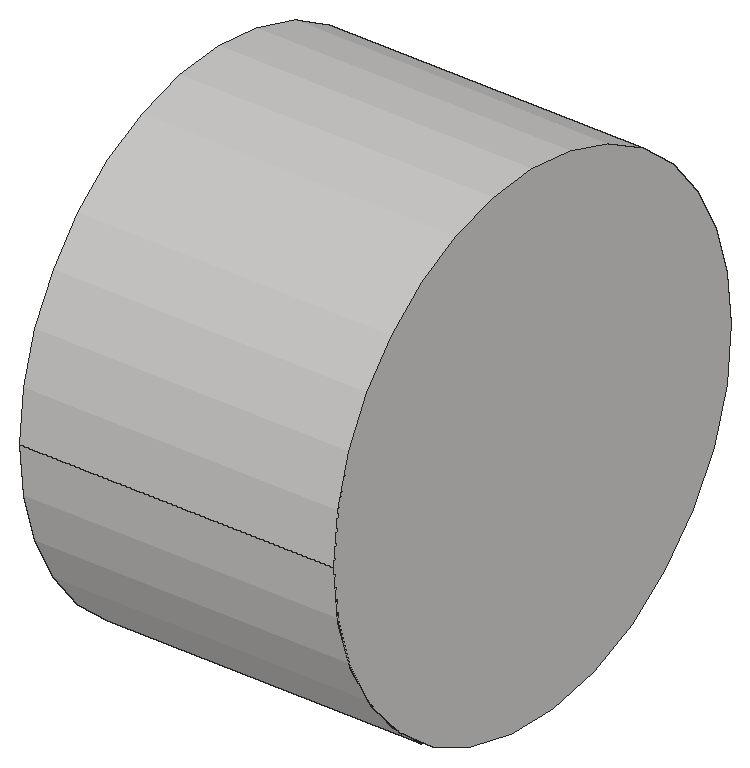
Revit family "Couplings-Shielded-Champion_Couplings-Transition-MI-HUB-TRP_Series", category Pipe Fittings, Revit 2014
Parameters (values of type "MI-HUB-TRP-330")
  Width B = 3.520"
  Width A = 3.370"
  Waste Connection = no
  Warranty Information = "1 Year Warranty"  # constant formula
  Vent Connection = no
  URL = "http://www.mifab.com"
  Tick Size = Width A * 0.4  # 1.348"
  Standard Listings & Approval = "CSA Approved, U.P.C. Approved"  # constant formula
  Product Page URL = "http://www.mifab.com/Catalog/No_Hub_Couplings/MIHUBTRP_SHIELDED_NO_HUB_TRANSITION_COUPLINGSPL_ST_XHCI_TO_PL_ST_OR_XHCI.html"
  Product Documentation Link = "http://www.mifab.com/Catalog/Library/MI-HUB-TRP-spec_sheet.pdf"
  Price = "Prices may vary. Please consult Manufacturer Representative for most up-to-date price list."  # constant formula
  Pipe Size Description = "3\" PL / ST or XH CI x 3\" PL / ST, or XH CI - Shielded Transition coupling"
  Pipe Outlet Connection Diameter = 3.000"
  Pipe Inlet Connection Diameter = 3.000"
  Pallet Quantity = "2400"
  Nominal Diameter = 3.250"
  Model = "MI-HUB-TRP"
  Material = "Metal-Champion Couplings-Stainless Steel"  # constant formula
  Masking Reg 2 = no
  Masking Reg 1 = yes
  Manufacturer = "Champion Couplings"  # constant formula
  List Price (Each Piece) = 11
  Nominal Height = Height  # 2.130"
  Height = 2.130"
  HW Connection = no
  Description = "MIFAB® Series MI-HUB-TRP (specify size) shielded transition couplings are manufactured with gaskets made from an elastomeric compound that meets the requirements of ASTM C-564 housed inside a Type 300 stainless steel shield. Two Type 300 stainless steel clamps tightened with 5/16” Type 300 stainless steel hex head screws surround the shield to provide the sealing force. The MI-HUB-TRP Series of shielded transition couplings are tested and certified to ASTM Standard 1460-2012 and CSA Standard B602-2010 and listed with I.A.P.M.O. All models are listed to the National Plumbing Code of Canada and relevant Canadian Standard(s) and bear the cUPC mark of conformity. Non constant temperature rating is 140 F."  # constant formula
  Creation Date = "\"2/25/2016\""
  Carton Quantity = "100"
  CW Connection = yes
  Assembly Code = "D2090800"
Types (5): name | Width B | Width A | Tick Size | Pipe Size Description | Pipe Outlet Connection Diameter | Pipe Inlet Connection Diameter | Nominal Diameter | List Price (Each Piece) | Nominal Height | Height
  (no name) | 3.520" | 3.370" | 1.348" | "3\" PL / ST or XH CI x 3\" PL / ST, or XH CI - Shielded Transition coupling" | 3.000" | 3.000" | 3.250" | 11 | 2.130" | 2.130"
  MI-HUB-TRP-330 | 3.520" | 3.370" | 1.348" | "3\" PL / ST or XH CI x 3\" PL / ST, or XH CI - Shielded Transition coupling" | 3.000" | 3.000" | 3.250" | 11 | 2.130" | 2.130"
  MI-HUB-TRP-430 | 3.460" | 4.460" | 1.784" | "4\" PL / ST or XH CI x 3\" PL / ST, or XH CI - Shielded Transition coupling" | 3.000" | 4.000" | 3.250" | 14 | 2.130" | 2.130"
  MI-HUB-TRP-440 | 4.360" | 4.440" | 1.776" | "4\" PL / ST or XH CI x 4\" PL / ST, or XH CI - Shielded Transition coupling" | 4.000" | 4.000" | 3.250" | 12.75 | 2.130" | 2.130"
  MI-HUB-TRP-660 | 6.150" | 6.520" | 2.608" | "6\" PL / ST or XH CI x 6\" PL / ST, or XH CI - Shielded Transition coupling" | 6.000" | 6.000" | 6.000" | 32.25 | 3.000" | 3.000"
Reference planes (in)
  plane 1 "Center (Front/Back)": y = 0
  plane 2: z = 0
  plane 3 "Center (Left/Right)": x = 0
  plane 4: x = -1.065
  plane 5: x = 1.065
  plane 6: x = 1.065
  plane 7: y = 1.685
  plane 8: y = -1.685
  plane 9: y = 1.625
  plane 10: y = -1.625
  plane 11: y = 1.685
  plane 12: y = -1.685
  plane 13: y = -1.625
  plane 14: y = 1.625
Forms (in)
  Extrusion 1, solid, material "Metal-Champion Couplings-Stainless Steel"
    sketch origin (0, 0, 0) x (0, 1, 0) y (0, 0, 1)
      loop
        circle (0, 0) r 1.685
    from -1.065 to 1.065
  Revolve 2, solid, material "Metal-Champion Couplings-Stainless Steel"
    sketch origin (0, 0, 0) x (1, 0, 0) y (0, 1, 0)
      loop
        line (0, 1.685) -> (0, 0) -> (1.065, 0) -> (1.065, 1.625) -> (0.06, 1.625) -> (0, 1.685)
      axis (0, 0) -> (1.065, 0)
    angle from 0 to 360
Cuts and joins
  joined: Extrusion 1, Revolve 2
Lines and regions (in)
  Masking region 1, visible <- "Masking Reg 2", detail levels fine
    outline origin (0, 0, 0) x (1, 0, 0) y (0, 1, 0)
      loop
        line (-1.065, 1.685) -> (-1.065, -1.685) -> (0, -1.685) -> (0.06, -1.625) -> (1.065, -1.625) -> (1.065, 1.625) -> (0.06, 1.625) -> (0, 1.685) -> (-1.065, 1.685)
  Masking region 2, visible <- "Masking Reg 1", detail levels fine
    outline origin (0, 0, 0) x (1, 0, 0) y (0, 1, 0)
      loop
        line (-1.065, 1.685) -> (-1.065, -1.685) -> (1.065, -1.685) -> (1.065, 1.685) -> (-1.065, 1.685)
  model lines, detail levels coarse+medium
    curve 1: line (-1.065, 1.348, 0) -> (-1.065, -1.348, 0)
    curve 2: line (1.065, 1.348, 0) -> (1.065, -1.348, 0)
    curve 3: line (1.065, 0, 0) -> (-1.065, 0, 0)
Dimensions and locks (in)
  "Height": plane 4 to plane 5
  equal spacing: plane 4, plane 3 "Center (Left/Right)", plane 5
  "Tick Size": plane 1 "Center (Front/Back)" to curve 1
  "Tick Size": curve 1 to plane 1 "Center (Front/Back)"
  "Tick Size": plane 1 "Center (Front/Back)" to curve 2
  "Tick Size": curve 2 to plane 1 "Center (Front/Back)"
  "Nominal Height": plane 4 to plane 6
  "Width A": plane 8 to plane 7
  equal spacing: plane 8, plane 1 "Center (Front/Back)", plane 7
  "Nominal Diameter": plane 9 to plane 10
  equal spacing: plane 9, plane 1 "Center (Front/Back)", plane 10
  "Width A": plane 11 to plane 12
  "Nominal Diameter": plane 13 to plane 14
  equal spacing: plane 11, plane 1 "Center (Front/Back)", plane 12
  equal spacing: plane 13, plane 1 "Center (Front/Back)", plane 14
  "Width A": Masking region 2 sketch curve to Masking region 2 sketch curve
  equal spacing: Masking region 2 sketch curve, plane 1 "Center (Front/Back)", Masking region 2 sketch curve
  "Width A": diameter of Extrusion 1 sketch curve
  locked: plane 6 to Revolve 2 sketch curve (angle 45.00°)
  locked: plane 3 "Center (Left/Right)" to Masking region 1 sketch curve (angle 45.00°)
  locked: Masking region 1 sketch curve to plane 3 "Center (Left/Right)" (angle 45.00°)
  aligned and locked: Extrusion 1 to plane 4
  aligned and locked: curve 3 to plane 1 "Center (Front/Back)"
  aligned and locked: curve 1 to plane 4
  aligned and locked: plane 5 to curve 2
  aligned and locked: plane 6 to Extrusion 1
  aligned and locked: plane 3 "Center (Left/Right)" to Revolve 2 sketch curve
  aligned and locked: plane 7 to Revolve 2 sketch curve
  aligned and locked: plane 5 to Revolve 2 sketch curve
  aligned and locked: Revolve 2 sketch curve to plane 1 "Center (Front/Back)"
  aligned and locked: Revolve 2 sketch curve to plane 9
  aligned and locked: Masking region 1 sketch curve to plane 11
  aligned and locked: Masking region 1 sketch curve to plane 12
  aligned and locked: plane 4 to Masking region 1 sketch curve
  aligned and locked: plane 14 to Masking region 1 sketch curve
  aligned and locked: Masking region 1 sketch curve to plane 13
  aligned and locked: plane 5 to Masking region 1 sketch curve
  aligned and locked: plane 4 to Masking region 2 sketch curve
  aligned and locked: plane 5 to Masking region 2 sketch curve
Automatic sketch dimensions
  Extrusion 1 sketch curve to level = 0.000"
  Extrusion 1 sketch curve to plane 1 "Center (Front/Back)" = 0.000"
  plane 1 "Center (Front/Back)" to Revolve 2 sketch curve = 0.000"
  Revolve 2 sketch curve to plane 4 = 0.250"
  Revolve 2 sketch curve to Revolve 2 sketch curve = 0.750"
  Masking region 1 sketch curve to plane 3 "Center (Left/Right)" = 0.000"  (x2)
Connectors (in)
  piping at (-1.065, 0, 0), diameter 3, driven by "Pipe Inlet Connection Diameter"
    settings: on Extrusion 1, index 1, connector inside diameter 24", connector length 0.000", flow factor 0, pipe flow 0 GPM, pressure drop 0.00 psi, fitting loss kfactor 0, connector angle 0.00°, fixture units 0, engagement length 0.000", angle of deflection 0.00°, flow configuration 0, flow direction 0, fitting loss method 0, system type 28, joint type 0, gender type 0, connector reference index -1, connector utility 0, adjustable connector no, is connector primary yes, connector description ""
  piping at (1.065, 0, 0), diameter 3, driven by "Pipe Outlet Connection Diameter"
    settings: on Revolve 2, index 2, connector inside diameter 24", connector length 0.000", flow factor 0, pipe flow 0 GPM, pressure drop 0.00 psi, fitting loss kfactor 0, connector angle 0.00°, fixture units 0, engagement length 0.000", angle of deflection 0.00°, flow configuration 0, flow direction 0, fitting loss method 0, system type 28, joint type 0, gender type 0, connector reference index -1, connector utility 0, adjustable connector no, is connector primary no, connector description ""
